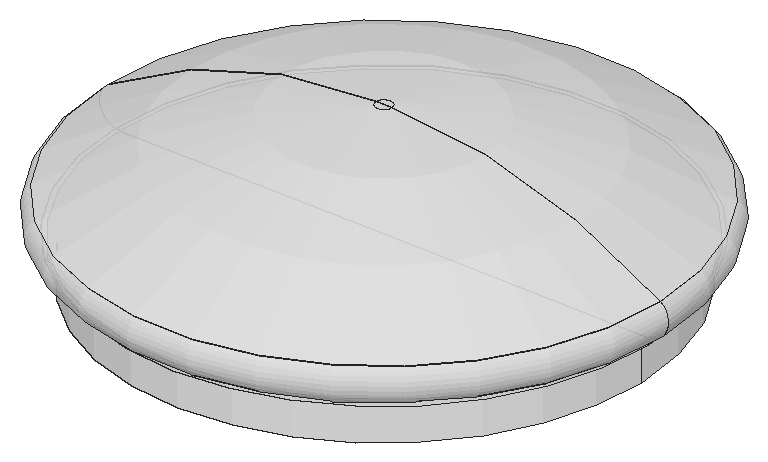
Revit family "0043239 Sylvania Lighting Fixture SYLCIRCLE DIM DUAL TONE 24W 3000K 4000K", category Lighting Fixtures, host Face, Revit 2016
Family settings
  Host = Face
  Part Type = Normal
  Round Connector Dimension = Use Diameter
  OmniClass Number = 23.80.70.11.17
  OmniClass Title = Specialized Lighting by Location or Use
  Cut with Voids When Loaded = No
  Light Source = Yes
  Shared = No
  Room Calculation Point = No
Parameters (values of type "0043239 SYLCIRCLE DIM DUAL TONE 24W 3000K")
  Weight = "3.9 kg"
  WarrantyStartDate [instance] = "n/a"
  WarrantyGuarantorParts = "n/a"
  WarrantyDurationUnit = "n/a"
  WarrantyDurationParts = "n/a"
  WarrantyDescription = "n/a"
  Voltage = 230 V
  TypeName = "SYLCIRCLE DIM DUAL TONE 24W 3000K"
  SerialNumber [instance] = "n/a"
  Radius_FEILO = 180.0 mm
  Wattage = 24 W
  built-in parameter 1150110 = 1 (stored number, unit not read)
  URL = "http://www.sylvania-lighting.com"
  built-in parameter 1114217 = 1 (stored number, unit not read)
  Tilt Angle = -90°
  built-in parameter 1150109 = 1 (stored number, unit not read)
  built-in parameter 1150134 = (empty or 0)
  built-in parameter 1150113 = 1 (stored number, unit not read)
  PowerFactor = 0.8
  PowerConsumption = "24 W"
  Photometric Web File = "0043239.IES"
  NominalWidth = 0.0 mm
  NominalLength = 360.0 mm
  NominalHeight = 100.0 mm
  Name = "SYLCIRCLE DIM DUAL TONE 24W 3000K/4000K"
  ModelReference = "SYLCIRCLE DIM DUAL TONE 24W 3000K/4000K"
  ModelNumber = "0043239"
  Material_4_FEILO = none
  Material_3_FEILO = Polycarbonate_Sylvania_Sylcircle_Opal
  Material_2_FEILO = Metal_Sylvania_Sylcircle_White
  Material_1_FEILO = none
  Material = "aluminium housing, pmma diffuser"
  ManufacturerName = "Feilo Sylvania"
  LuminousEfficacy = "83 lm/W"
  LuminaireType = ""
  LightOutputRatio = "n/a"
  LampsType = Lamp  # "LED"
  LampNominalLuminous = "2000 lm"
  LampMacAdamStep = "6"
  LampColourTemperature = "3000 K"
  LampColourRenderingIndex = "80"
  Keynote = "16500"
  InstallationDate [instance] = "n/a"
  InputVoltage = "220-240V~"
  InputNominalFrequency = "50 Hz"
  IngressProtection = "IP44"
  ImpactProtectionIndex = "IK03"
  IfcExportType = "IfcLightFixtureType"
  IfcExportAs = "IfcLightFixtureType"
  Height_FEILO = 100.0 mm
  ExpectedLife = 50000
  ElectricShockClassification = "Class I"
  DurationUnit = "hours"
  DocumentationLiterature = "http://www.sylvania-lighting.com/product/en-int/products/0043239"
  DimmingControlOptions = "Dimmable"
  Diameter_FEILO = 2 * Radius_FEILO  # 360.0 mm
  CreatedOn = "5/25/2018"
  CreatedBy = "aron.fodor@sylvania-lighting.com"
  built-in parameter 1114216 [instance] = 1 (stored number, unit not read)
  Model = "SYLCIRCLE DIM DUAL TONE 24W 3000K/4000K"
  Manufacturer = "Feilo Sylvania"
  built-in parameter 1150105 = 508.66 (stored number, unit not read)
  Lumens = 1992 lm
  built-in parameter 1150115 = 1 (stored number, unit not read)
  built-in parameter 1150137 = (empty or 0)
  built-in parameter 1150139 = (empty or 0)
  built-in parameter 1150112 = 1 (stored number, unit not read)
  built-in parameter 1150114 = 1 (stored number, unit not read)
  Lamp = "LED"
  built-in parameter 1150132 = 2
  built-in parameter 1150102 = (empty or 0)
  built-in parameter 1150107 = 3000 (stored number, unit not read)
  built-in parameter 1150138 = (empty or 0)
  built-in parameter 1150106 = 5.0866 (stored number, unit not read)
  built-in parameter 1150104 = 7.711 (stored number, unit not read)
  Dimming Lamp Color Temperature Shift = <None>
  Description = "SYLCIRCLE DIM DUAL TONE 24W with choice of 3000K or 4000K"
  Default Elevation = 0.0 mm
  Color Filter = 16777215
  built-in parameter 1140040 [instance] = 1
  BarCode [instance] = "n/a"
  built-in parameter 1114218 = 1 (stored number, unit not read)
  built-in parameter 1150133 = 10 (stored number, unit not read)
  AssetType = "Fixed"
  AssetIdentifier [instance] = "n/a"
  Assembly Code = "D5020200"
  Apparent Load = 24 VA
Types (2, lengths in mm): name | TypeName | built-in parameter 1150134 | Photometric Web File | LampColourTemperature | built-in parameter 1150107
  0043239 SYLCIRCLE DIM DUAL TONE 24W 4000K | "SYLCIRCLE DIM DUAL TONE 24W 4000K" | 12 | "0043239 SYLCIRCLE DIM DUAL TONE 24W 4000K.IES" | "4000 K" | 4000 (stored number, unit not read)
  0043239 SYLCIRCLE DIM DUAL TONE 24W 3000K | "SYLCIRCLE DIM DUAL TONE 24W 3000K" | (empty or 0) | "0043239.IES" | "3000 K" | 3000 (stored number, unit not read)
Reference planes
  plane 1 "Center (Front/Back)": y = 0
  plane 2: z = 0
  plane 3 "Center (Left/Right)": x = 0
  plane 4: x = 180
  plane 5: z = 23
  plane 6 "Housing Bottom": z = 27
  plane 7: z = 50
  plane 8 "Fixture Bottom": z = 100
  plane 9: x = 175
  plane 10: x = 170
  plane 11: x = 167
  plane 12: x = 163
Forms (mm)
  Revolve 1, solid, material "Polycarbonate_Sylvania_Sylcircle_Opal" <- "Material_3_FEILO", detail levels fine
    sketch origin (0, 0, 0) x (1, 0, 0) y (0, 0, 1)
      loop
        line (0, 100) -> (0, 27) -> (169.962, 27)
        arc (169.962, 27) -> (179.736, 36.911) -> (175, 50) r 13.044
        arc (175, 50) -> (93.6, 87.241) -> (5, 100) r 314
        line (5, 100) -> (0, 100)
      axis (0, 100) -> (0, 27)
    angle from 0 to 360
  Revolve 2, solid, material "Metal_Sylvania_Sylcircle_White" <- "Material_2_FEILO", detail levels fine
    sketch origin (0, 0, 0) x (1, 0, 0) y (0, 0, 1)
      loop
        line (167, 27) -> (0, 27) -> (0, 0) -> (163, 0) -> (163, 23) -> (167, 23) -> (167, 27)
      axis (0, 27) -> (0, 0)
    angle from 0 to 360
  Revolve 3, solid, material "Metal_Sylvania_Sylcircle_White" <- "Material_2_FEILO", detail levels coarse+medium
    sketch origin (0, 0, 0) x (1, 0, 0) y (0, 0, 1)
      loop
        line (0, 100) -> (0, 0) -> (163, 0) -> (163, 23) -> (167, 23) -> (167, 27) -> (169.962, 27)
        arc (169.962, 27) -> (179.736, 36.911) -> (175, 50) r 13.044
        arc (175, 50) -> (93.6, 87.241) -> (5, 100) r 314
        line (5, 100) -> (0, 100)
      axis (0, 100) -> (0, 0)
    angle from 0 to 360
Dimensions and locks
  "Height_FEILO": plane 8 "Fixture Bottom" to plane 2
  "Radius_FEILO": plane 4 to plane 3 "Center (Left/Right)"
  plane 6 "Housing Bottom" to plane 5 to plane 2 = 4.0 mm locked, 23.0 mm locked
  plane 4 to plane 9 to plane 10 to plane 11 to plane 12 = 5.0 mm locked, 5.0 mm locked, 3.0 mm locked, 4.0 mm locked
  aligned and locked: plane 2 to host face
  aligned and locked: level to host face
  aligned and locked: plane 1 "Center (Front/Back)" to imposter light
  aligned and locked: plane 3 "Center (Left/Right)" to imposter light
  aligned and locked: Revolve 1 sketch curve to plane 3 "Center (Left/Right)"
  aligned and locked: plane 6 "Housing Bottom" to Revolve 1 sketch curve  (x2)
  aligned and locked: Revolve 1 sketch curve to plane 8 "Fixture Bottom"
  aligned and locked: plane 9 to Revolve 1 sketch curve
  aligned and locked: Revolve 2 sketch curve to plane 6 "Housing Bottom"
  aligned and locked: Revolve 2 sketch curve to plane 11
  aligned and locked: Revolve 2 sketch curve to plane 5
  aligned and locked: Revolve 2 sketch curve to plane 12
  aligned and locked: Revolve 2 sketch curve to plane 2
  aligned and locked: Revolve 2 sketch curve to plane 3 "Center (Left/Right)"  (x2)
  aligned and locked: plane 8 "Fixture Bottom" to imposter light
  aligned and locked: plane 9 to Revolve 3 sketch curve
  aligned and locked: plane 6 "Housing Bottom" to Revolve 3 sketch curve
  aligned and locked: plane 7 to Revolve 3 sketch curve
  aligned and locked: Revolve 3 sketch curve to imposter light
  aligned and locked: Revolve 3 sketch curve to plane 11
  aligned and locked: Revolve 3 sketch curve to plane 2
  aligned and locked: Revolve 3 sketch curve to plane 5
  aligned and locked: Revolve 3 sketch curve to plane 12
Automatic sketch dimensions
  host sketch curve to host sketch curve = 1305.563 mm
  host sketch curve to host sketch curve = 1283.632 mm
  Revolve 1 sketch curve to plane 3 "Center (Left/Right)" = 0.0 mm
  Revolve 1 sketch curve to plane 7 = 0.0 mm
  Revolve 1 sketch curve to plane 10 = 0.038 mm
  plane 3 "Center (Left/Right)" to Revolve 1 sketch curve = 5.0 mm
  Revolve 1 sketch curve to plane 10 = 3.007 mm
  Revolve 1 sketch curve to Revolve 1 sketch curve = 234.06 mm
  Revolve 1 sketch curve to Revolve 1 sketch curve = 2559.943 mm
  Revolve 2 sketch curve to level = 372.274 mm
  plane 8 "Fixture Bottom" to Revolve 2 sketch curve = 2559.943 mm
  Revolve 3 sketch curve to plane 3 "Center (Left/Right)" = 0.0 mm  (x2)
  plane 3 "Center (Left/Right)" to Revolve 3 sketch curve = 5.0 mm
  Revolve 3 sketch curve to plane 10 = 0.038 mm
  Revolve 3 sketch curve to plane 11 = 0.007 mm
  Revolve 3 sketch curve to Revolve 3 sketch curve = 234.06 mm
  Revolve 3 sketch curve to Revolve 3 sketch curve = 2559.943 mm
Connectors
  electrical at (0, 0, 0), driven by "Apparent Load", driven by "Voltage", driven by "PowerFactor"
    settings: on Revolve 2, index 1, voltage 230 V, apparent load 0 VA, apparent load phase1 24 VA, apparent load phase2 0 VA, apparent load phase3 0 VA, power factor 0.8, load classification "Lighting", number of poles 1, system type 31, power factor state 1, is connector primary yes, connector utility no, sub classification motor no, connector description ""
